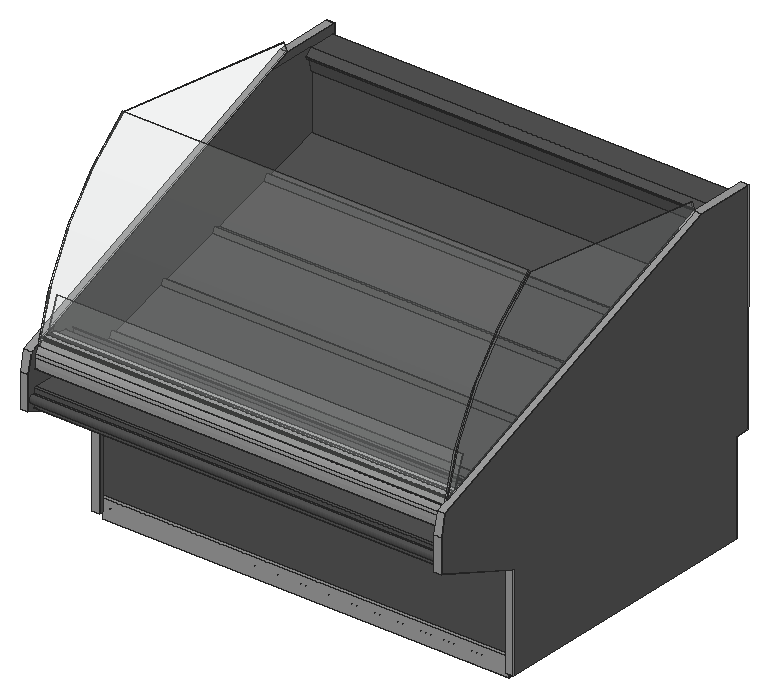
Revit family "DSF-CG_2014", category Specialty Equipment, Revit 2014
Parameters (values of type "5'-0" Length")
  Width = 60"
  Waste Drain = 1 1/2"  # constant formula
  URL = "www.hussmann.com"
  Type Comments = "Service / Self Service Seafood"  # constant formula
  Trim = Stainless Steel
  Total Weight = Case Weight + (2 * End Weight)  # 0.00 lbf
  Splashguard = Stainless Steel
  Side Panel - Right [instance] = yes
  Side Panel - Left [instance] = yes
  Shelves = Sheet Metal (Steel Painted) - 701 Black
  Right Drain Location from CL = if(Width = 30", 2", if(Width = 36", 0", 6 1/8"))  # 6 1/8"
  Revit Family Date = "08/11/2015"  # constant formula
  Refrigeration Lines Suction = 5/8"  # constant formula
  Refrigeration Lines Liquid = 3/8"  # constant formula
  Refrig. Suction = "Suction"
  Refrig. Liquid = "Liquid"
  Number of Supports = 2  # constant formula
  Note from Manufacturer = "This model only comes in 2'-0\", 3'-0\", 4'-0\", and 5'-0\" lengths."
  Model URL = "http://www.hussmann.com/en/product%20viewer/display-cases/DSF,%20DSFI"
  Model = "DSF"  # constant formula
  Manufacturer Disclaimer = "The information in this file is not intended to be an exact representation of the corresponding Hussmann product.  Further, we reserve the right to change or revise specifications and product design in connection with any feature of our products. Such changes do not entitle the buyer to corresponding changes, improvements, additions, or replacements for equipment previously sold or shipped."  # constant formula
  Manufacturer = "Hussmann Corporation"  # constant formula
  Light [instance] = no
  Height = 45 5/8"  # constant formula
  Glazing = Glass
  Ends = Textured Sheet Metal (Steel Painted) - 701 Black
  End Weight = 0.00 lbf  # constant formula
  Door Frame = Stainless Steel
  Description = "Medium Depth Service Merchandiser for Fresh Seafood Applications"  # constant formula
  Depth = 55 7/8"  # constant formula
  Cutsheet URL = "http://www.hussmann.com/en/Technical%20Documents/DSF_102013_En.pdf"
  Close Off Panel = Textured Sheet Metal (Steel Painted) - 701 Black
  Case Weight = 0.00 lbf
  Case Interior - Side Panel = Sheet Metal (Steel Painted) - 701 Black
  Case Interior - Back Panel = Sheet Metal (Steel Painted) - 701 Black
  Case = Textured Sheet Metal (Steel Painted) - 701 Black
  Bumper = Extruded PVC - 701 Black
  Assembly Code = ""
  Accessories/Options = ""
Types (4): name | Width | Right Drain Location from CL | Refrig. Suction | Refrig. Liquid
  3'-0" Length | 36" | 0" | "" | ""
  5'-0" Length | 60" | 6 1/8" | "Suction" | "Liquid"
  4'-0" Length | 48" | 6 1/8" | "Suction" | "Liquid"
  2'-0" Length | 30" | 2" | "Suction" | "Liquid"
Reference planes (in)
  plane 1 "Back": y = 0
  plane 2 "Bottom": z = 0
  plane 3 "Top": z = 45.625
  plane 4 "Left": x = -77.30699
  plane 5 "Front": y = -55.875
  plane 6 "Center (Left/Right)": x = -47.30699
  plane 7: x = -78.43199
  plane 8 "Right": x = -17.30699
  plane 9: x = -16.18199
  plane 10: y = -41.23412
Forms (in)
  Extrusion 1, solid, material "Metal - Copper"
    sketch origin (63.3125, 1.04319, 0) x (1, 0, 0) y (0, 1, 0)
      loop
        circle (-104.49449, -25.79319) r 0.625
      loop
        arc (-104.49449, -26.37839) -> (-104.08069, -26.20699) -> (-103.90929, -25.79319) r 0.5852
        arc (-103.90929, -25.79319) -> (-104.08069, -25.37939) -> (-104.49449, -25.20799) r 0.5852
        arc (-104.49449, -25.20799) -> (-104.90829, -25.37939) -> (-105.07969, -25.79319) r 0.5852
        arc (-105.07969, -25.79319) -> (-104.90829, -26.20699) -> (-104.49449, -26.37839) r 0.5852
    from 14.6845 to 0
  Extrusion 2, solid, material "Metal - Copper"
    sketch origin (-63.6875, 1.04319, 0) x (1, 0, 0) y (0, 1, 0)
      loop
        circle (-8.49449, -25.79319) r 0.625
      loop
        arc (-8.49449, -26.37839) -> (-8.08069, -26.20699) -> (-7.90929, -25.79319) r 0.5852
        arc (-7.90929, -25.79319) -> (-8.08069, -25.37939) -> (-8.49449, -25.20799) r 0.5852
        arc (-8.49449, -25.20799) -> (-8.90829, -25.37939) -> (-9.07969, -25.79319) r 0.5852
        arc (-9.07969, -25.79319) -> (-8.90829, -26.20699) -> (-8.49449, -26.37839) r 0.5852
    from 14.6845 to 0
  Extrusion 3, solid, material "Textured Sheet Metal (Steel Painted) - 701 Black" <- "Case"
    sketch origin (-47.30699, 0, 0) x (0, 1, 0) y (0, 0, 1)
      loop
        arc (-4.83381, 44.65319) -> (-4.84545, 44.62735) -> (-4.83705, 44.60028) r 0.04
        line (-4.83705, 44.60028) -> (-4.63528, 44.34203) -> (-4.40137, 44.43177) -> (-3.8611, 42.41551) -> (-3.71075, 42.45579) -> (-3.71075, 31.84576) -> (-1.664, 31.84576) -> (-1.664, 17.65463) -> (-23.01848, 17.22162) -> (-23.01848, 16.77724) -> (-26.95598, 16.77724) -> (-26.95598, 17.23414) -> (-41.48302, 17.74647) -> (-49.4473, 21.1271)
        arc (-49.4473, 21.1271) -> (-49.46059, 21.13816) -> (-49.46558, 21.15472) r 0.03
        line (-49.46558, 21.15472) -> (-49.46558, 27.03985) -> (-49.40419, 27.03375) -> (-49.38226, 27.28432) -> (-49.38226, 28.14614)
        arc (-49.38226, 28.14614) -> (-49.3971, 28.18748) -> (-49.43484, 28.20995) r 0.065
        line (-49.43484, 28.20995) -> (-51.24815, 28.56307) -> (-51.24815, 24.17402) -> (-51.31227, 24.17402) -> (-51.31227, 23) -> (-54.8155, 23)
        arc (-54.8155, 23) -> (-54.93783, 22.94933) -> (-54.9885, 22.827) r 0.173
        line (-54.9885, 22.827) -> (-54.9885, 20.2589)
        arc (-54.9885, 20.2589) -> (-54.98127, 20.23596) -> (-54.96218, 20.22131) r 0.04
        line (-54.96218, 20.22131) -> (-52.47331, 19.31544) -> (-52.41455, 19.47688) -> (-41.12442, 14.6845) -> (-1.535, 14.6845) -> (-1.535, 16.1845) -> (-0.035, 16.1845) -> (-0.035, 14.5595) -> (-0.535, 14.5595) -> (-0.535, 14.5245) -> (-0.035, 14.5245)
        arc (-0.035, 14.5245) -> (-0.01025, 14.53475) -> (0, 14.5595) r 0.035
        line (0, 14.5595) -> (0, 41.5577) -> (0.12, 41.5577) -> (0.12, 45.51063)
        arc (0.12, 45.51063) -> (0.10828, 45.53891) -> (0.08, 45.55063) r 0.04
        line (0.08, 45.55063) -> (-3.93623, 45.55063) -> (-4.83381, 44.65319)
    from 30 to -30
  Extrusion 4, solid, material "Sheet Metal (Steel Painted) - 701 Black" <- "Shelves"
    sketch origin (-47.30699, 0, 0) x (0, 1, 0) y (0, 0, 1)
      loop
        line (-3.71075, 34.24593) -> (-11.37735, 32.04757) -> (-12.17325, 32.48875) -> (-12.61443, 31.69284) -> (-20.90531, 29.31547) -> (-21.70122, 29.75665) -> (-22.14239, 28.96074) -> (-30.43328, 26.58337) -> (-31.22918, 27.02455) -> (-31.67036, 26.22864) -> (-39.96124, 23.85127) -> (-40.75714, 24.29245) -> (-41.19832, 23.49654) -> (-43.99815, 22.6937) -> (-46.94421, 24.39461)
        arc (-46.94421, 24.39461) -> (-46.9635, 24.40261) -> (-46.98421, 24.40533) r 0.08
        line (-46.98421, 24.40533) -> (-47.72215, 24.40533) -> (-47.72215, 27.8125) -> (-48.07156, 27.89699) -> (-48.08284, 27.85034) -> (-47.77015, 27.77472) -> (-47.77015, 24.34277) -> (-49.46558, 24.34277) -> (-49.46558, 24.15527) -> (-46.90465, 24.15527) -> (-44.02297, 22.49153) -> (-3.71075, 34.05087) -> (-3.71075, 34.24593)
    from 30 to -30
  Extrusion 5, solid, material "Extruded PVC - 701 Black" <- "Bumper"
    sketch origin (-47.30699, 0, 0) x (0, 1, 0) y (0, 0, 1)
      loop
        arc (-55.3635, 22.25013) -> (-55.926, 21.68763) -> (-55.3635, 21.12513) r 0.5625
        line (-55.3635, 21.12513) -> (-54.9885, 21.12513) -> (-54.9885, 22.25013) -> (-55.3635, 22.25013)
    from 30 to -30
  Extrusion 6, solid, material "Textured Sheet Metal (Steel Painted) - 701 Black" <- "Close Off Panel"
    sketch origin (-47.30699, 0, -0.03125) x (0, 1, 0) y (0, 0, 1)
      loop
        line (-1.90759, 13.89928) -> (-1.92951, 14.14985) -> (-1.96438, 14.1468) -> (-1.94259, 13.89775) -> (-1.94259, 3.16349) -> (-1.90759, 3.16349) -> (-1.90759, 13.89928)
      loop
        line (-42.21942, 15.18055) -> (-42.21942, 0.86215) -> (-42.18442, 0.86215) -> (-42.18442, 15.16569) -> (-42.21942, 15.18055)
    from 30 to -30
  Extrusion 7, solid, material "Stainless Steel" <- "Splashguard"
    sketch origin (-47.30699, 0, -0.03125) x (0, 1, 0) y (0, 0, 1)
      loop
        line (-42.3003, 2.81625) -> (-42.3003, 0.03125) -> (-41.7653, 0.03125) -> (-41.7653, 0.06625) -> (-42.2653, 0.06625) -> (-42.2653, 2.81625) -> (-42.22346, 3.12587) -> (-42.25765, 3.13054) -> (-42.3003, 2.81625)
      loop
        line (-1.95357, 0.50112) -> (-1.6158, 0.09858) -> (-1.23395, 0.03125) -> (-1.22787, 0.06572) -> (-1.59718, 0.13084) -> (-1.91857, 0.51386) -> (-1.91857, 2.88864) -> (-1.94049, 3.14096) -> (-1.97536, 3.13791) -> (-1.95357, 2.88886) -> (-1.95357, 0.50112)
    from 30 to -30
  Extrusion 8, solid, material "Textured Sheet Metal (Steel Painted) - 701 Black" <- "Ends", visible <- "Side Panel - Right"
    sketch origin (-17.30699, 0, 0) x (0, 0, 1) y (0, -1, 0)
      loop
        line (14.37303, -0.54843) -> (46.74598, -0.54843) -> (46.74598, 7.99475) -> (27.85139, 55.41005)
        arc (27.85139, 55.41005) -> (26.43234, 55.74856) -> (25.00258, 56.03853) r 42.8148
        line (25.00258, 56.03853) -> (20.14202, 56.03853) -> (14.95336, 42.8003) -> (0.83628, 42.8003) -> (0.83628, 1.54444) -> (14.37303, 1.54444) -> (14.37303, -0.54843)
    from 1.125 to 0
  Extrusion 9, solid, material "Textured Sheet Metal (Steel Painted) - 701 Black" <- "Ends", visible <- "Side Panel - Left"
    sketch origin (-77.30699, 0, 0) x (0, 1, 0) y (0, 0, 1)
      loop
        line (0.54843, 46.74598) -> (-7.99475, 46.74598) -> (-55.41005, 27.85139)
        arc (-55.41005, 27.85139) -> (-55.74856, 26.43234) -> (-56.03853, 25.00258) r 42.8148
        line (-56.03853, 25.00258) -> (-56.03853, 20.14202) -> (-42.8003, 14.95336) -> (-42.8003, 0.83628) -> (-1.54444, 0.83628) -> (-1.54444, 14.37303) -> (0.54843, 14.37303) -> (0.54843, 46.74598)
    from 0 to -1.125
  Extrusion 10, solid, material "Glass" <- "Glazing"
    sketch origin (-47.30699, 0, 0) x (0, 1, 0) y (0, 0, 1)
      loop
        arc (-38.4785, 52.31089) -> (-48.88236, 41.17732) -> (-54.40186, 26.97408) r 40.25
        line (-54.40186, 26.97408) -> (-54.15591, 26.92927)
        arc (-54.15591, 26.92927) -> (-48.6707, 41.04429) -> (-38.33146, 52.10871) r 40
        line (-38.33146, 52.10871) -> (-38.4785, 52.31089)
      loop
        line (-50.81957, 33.3829) -> (-52.58841, 28.24584) -> (-52.564, 28.19579) -> (-52.4151, 28.14452) -> (-52.36506, 28.16893) -> (-50.59622, 33.306) -> (-50.81957, 33.3829)
    from 30 to -30
  Extrusion 11, solid, material "Stainless Steel" <- "Door Frame"
    sketch origin (-47.30699, 0, 0) x (0, 1, 0) y (0, 0, 1)
      loop
        arc (-54.27971, 28.0768) -> (-54.54483, 27.67871) -> (-54.74164, 27.24278) r 2.92923
        arc (-54.74164, 27.24278) -> (-54.80893, 26.99713) -> (-54.83876, 26.74418) r 1.7
        arc (-54.83876, 26.74418) -> (-54.83124, 26.00798) -> (-54.74644, 25.27664) r 7
        arc (-54.74644, 25.27664) -> (-54.73588, 25.25814) -> (-54.71588, 25.25082) r 0.031
        line (-54.71588, 25.25082) -> (-51.24815, 25.25082) -> (-51.24815, 28.3709) -> (-51.30565, 28.3709) -> (-51.30565, 28.8335) -> (-51.34502, 28.8335)
        arc (-51.34502, 28.8335) -> (-51.33489, 28.8539) -> (-51.34142, 28.87573) r 0.03104
        arc (-51.34142, 28.87573) -> (-51.67966, 28.9398) -> (-52.01791, 28.87573) r 0.92486
        arc (-52.01791, 28.87573) -> (-52.02444, 28.8539) -> (-52.01431, 28.8335) r 0.03104
        line (-52.01431, 28.8335) -> (-52.09459, 28.8335) -> (-52.13242, 28.72362) -> (-52.13242, 28.14452)
        arc (-52.13242, 28.14452) -> (-52.13819, 28.1306) -> (-52.15211, 28.12484) r 0.01969
        line (-52.15211, 28.12484) -> (-52.61155, 28.12484)
        arc (-52.61155, 28.12484) -> (-52.67229, 28.16542) -> (-52.65804, 28.23707) r 0.06575
        arc (-52.65804, 28.23707) -> (-52.58365, 28.44728) -> (-52.70028, 28.63733) r 0.25886
        arc (-52.70028, 28.63733) -> (-52.71809, 28.66695) -> (-52.70566, 28.69921) r 0.03937
        arc (-52.70566, 28.69921) -> (-52.62057, 28.74055) -> (-52.52704, 28.75476) r 0.31496
        line (-52.52704, 28.75476) -> (-52.47346, 28.75476)
        arc (-52.47346, 28.75476) -> (-52.45828, 28.75962) -> (-52.44874, 28.7724) r 0.02615
        line (-52.44874, 28.7724) -> (-52.436, 28.80939)
        arc (-52.436, 28.80939) -> (-52.43839, 28.82587) -> (-52.4532, 28.8335) r 0.01819
        line (-52.4532, 28.8335) -> (-53.30118, 28.8335)
        arc (-53.30118, 28.8335) -> (-53.32001, 28.82975) -> (-53.33597, 28.81908) r 0.04921
        line (-53.33597, 28.81908) -> (-53.39753, 28.75752)
        arc (-53.39753, 28.75752) -> (-53.4082, 28.74156) -> (-53.41195, 28.72273) r 0.04921
        line (-53.41195, 28.72273) -> (-53.41195, 28.68586) -> (-53.53006, 28.68586)
        arc (-53.53006, 28.68586) -> (-53.61116, 28.67192) -> (-53.68295, 28.6317) r 0.24288
        line (-53.68295, 28.6317) -> (-54.14037, 26.88557) -> (-54.42471, 26.93827) -> (-54.24042, 27.93081) -> (-54.20032, 28.05423)
        arc (-54.20032, 28.05423) -> (-54.20275, 28.07365) -> (-54.21923, 28.0842) r 0.02304
        line (-54.21923, 28.0842) -> (-54.25112, 28.0884)
        arc (-54.25112, 28.0884) -> (-54.26695, 28.08638) -> (-54.27971, 28.0768) r 0.03125
    from 30 to -30
  Extrusion 12, solid, material "Glass" <- "Glazing", visible <- "Side Panel - Right"
    sketch origin (-17.30699, 0, 0) x (0, 0, 1) y (0, -1, 0)
      loop
        arc (52.00788, 38.25812) -> (41.66862, 48.13064) -> (28.5181, 53.73696) r 40
        line (28.5181, 53.73696) -> (46.74598, 7.99475) -> (48.21813, 8.57338) -> (52.00788, 38.25812)
    from 0 to 0.25
  Extrusion 13, solid, material "Glass" <- "Glazing", visible <- "Side Panel - Left"
    sketch origin (-77.30699, 0, 0) x (0, 1, 0) y (0, 0, 1)
      loop
        arc (-38.25812, 52.00788) -> (-48.13064, 41.66862) -> (-53.73696, 28.5181) r 40
        line (-53.73696, 28.5181) -> (-7.99475, 46.74598) -> (-8.57338, 48.21813) -> (-38.25812, 52.00788)
    from -0.25 to 0
  Extrusion 14, solid, material "Textured Sheet Metal (Steel Painted) - 701 Black" <- "Case", visible <- "Light"
    sketch origin (-47.30699, 0, 0) x (0, 1, 0) y (0, 0, 1)
      loop
        line (-50.7523, 18.7713) -> (-50.8003, 18.79167) -> (-50.8003, 15.1493) -> (-50.42133, 15.1493) -> (-50.42133, 15.31702) -> (-50.46821, 15.31702) -> (-50.46821, 15.19617) -> (-50.7523, 15.19617) -> (-50.7523, 18.7713)
    from 30 to -30
  Sweep 15, solid, material "Stainless Steel"
    path origin (0, 0, 0) x (1, 0, 0) y (0, 1, 0)
      loop
        line (-17.30699, -41.23412) -> (-77.30699, -41.23412)
    profile origin (-47.30699, -41.23412, 0) x (0, -1, 0) y (0, 0, 1)
      loop
        line (-0.891, 0.766) -> (-0.0785, 0.766)
        arc (-0.0785, 0.766) -> (-0.02299, 0.78899) -> (0, 0.8445) r 0.0785
        line (0, 0.8445) -> (0, 1.657) -> (-0.0785, 1.657) -> (-0.0785, 0.8445) -> (-0.891, 0.8445)
        arc (-0.891, 0.8445) -> (-0.94651, 0.82151) -> (-0.9695, 0.766) r 0.0785
        line (-0.9695, 0.766) -> (-0.9695, 0.0785) -> (-2.657, 0.0785) -> (-2.657, 0.766)
        arc (-2.657, 0.766) -> (-2.67999, 0.82151) -> (-2.7355, 0.8445) r 0.0785
        line (-2.7355, 0.8445) -> (-3.4855, 0.8445) -> (-3.4855, 0.766) -> (-2.7355, 0.766) -> (-2.7355, 0.0785)
        arc (-2.7355, 0.0785) -> (-2.71251, 0.02299) -> (-2.657, 0) r 0.0785
        line (-2.657, 0) -> (-0.9695, 0)
        arc (-0.9695, 0) -> (-0.91399, 0.02299) -> (-0.891, 0.0785) r 0.0785
        line (-0.891, 0.0785) -> (-0.891, 0.766)
  Sweep 16, solid, material "Stainless Steel"
    path origin (-124.61397, 0, 0) x (-1, 0, 0) y (0, 1, 0)
      loop
        line (-107.30699, -1.95376) -> (-47.30699, -1.95376)
    profile origin (-47.30699, -1.95376, 0) x (0, -1, 0) y (0, 0, 1)
      loop
        line (0.891, 0.766) -> (0.891, 0.0785)
        arc (0.891, 0.0785) -> (0.91399, 0.02299) -> (0.9695, 0) r 0.0785
        line (0.9695, 0) -> (2.657, 0)
        arc (2.657, 0) -> (2.71251, 0.02299) -> (2.7355, 0.0785) r 0.0785
        line (2.7355, 0.0785) -> (2.7355, 0.766) -> (3.4855, 0.766) -> (3.4855, 0.8445) -> (2.7355, 0.8445)
        arc (2.7355, 0.8445) -> (2.67999, 0.82151) -> (2.657, 0.766) r 0.0785
        line (2.657, 0.766) -> (2.657, 0.0785) -> (0.9695, 0.0785) -> (0.9695, 0.766)
        arc (0.9695, 0.766) -> (0.94651, 0.82151) -> (0.891, 0.8445) r 0.0785
        line (0.891, 0.8445) -> (0.0785, 0.8445) -> (0.0785, 1.657) -> (0, 1.657) -> (0, 0.8445)
        arc (0, 0.8445) -> (0.02299, 0.78899) -> (0.0785, 0.766) r 0.0785
        line (0.0785, 0.766) -> (0.891, 0.766)
  Extrusion 17, solid, material "Metal - Copper"
    sketch origin (61.07608, 5, -0.375) x (1, 0, 0) y (0, 1, 0)
      loop
        circle (-84.82057, -25.25) r 0.1875
      loop
        circle (-84.82057, -25.25) r 0.17284
    from 15.0595 to 0.375
  Extrusion 18, solid, material "Metal - Copper"
    sketch origin (60.87749, 5, -0.375) x (1, 0, 0) y (0, 1, 0)
      loop
        circle (-86.24698, -25.25) r 0.4375
      loop
        circle (-86.24698, -25.25) r 0.41359
    from 15.0595 to 0.375
  Sweep 19, solid, material "Stainless Steel" <- "Trim", visible <- "Side Panel - Left"
    path origin (-77.30699, 0, 0) x (0, 1, 0) y (0, 0, 1)
      loop
        line (-1.54444, 0.83628) -> (-1.54444, 14.37303) -> (0.54843, 14.37303) -> (0.54843, 46.74598) -> (-7.99475, 46.74598) -> (-55.41005, 27.85139)
        arc (-55.41005, 27.85139) -> (-55.74856, 26.43234) -> (-56.03853, 25.00258) r 42.8148
        line (-56.03853, 25.00258) -> (-56.03853, 20.14202) -> (-42.8003, 14.95336) -> (-42.8003, 0.83628)
    profile origin (-77.30699, -1.54444, 7.60466) x (0, -1, 0) y (1, 0, 0)
      loop
        line (0, 0) -> (-0.03125, 0) -> (-0.03125, -1.125) -> (0, -1.125) -> (0, 0)
  Sweep 20, solid, material "Stainless Steel" <- "Trim", visible <- "Side Panel - Right"
    path origin (-17.30699, 0, 0) x (0, 0, 1) y (0, -1, 0)
      loop
        line (0.83628, 1.54444) -> (14.37303, 1.54444) -> (14.37303, -0.54843) -> (46.74598, -0.54843) -> (46.74598, 7.99475) -> (27.85139, 55.41005)
        arc (27.85139, 55.41005) -> (26.43234, 55.74856) -> (25.00258, 56.03853) r 42.8148
        line (25.00258, 56.03853) -> (20.14202, 56.03853) -> (14.95336, 42.8003) -> (0.83628, 42.8003)
    profile origin (-17.30699, -1.54444, 7.60466) x (0, -1, 0) y (1, 0, 0)
      loop
        line (0, 0) -> (0, 1.125) -> (-0.03125, 1.125) -> (-0.03125, 0) -> (0, 0)
  Extrusion 21, solid, material "Sheet Metal (Steel Painted) - 701 Black" <- "Case Interior - Side Panel", visible <- "Side Panel - Left"
    sketch origin (-77.30699, 0, 0) x (0, 1, 0) y (0, 0, 1)
      loop
        line (-44.02297, 22.49153) -> (-3.71075, 34.05087) -> (-3.71075, 42.45579) -> (-3.8611, 42.41551) -> (-4.40137, 44.43177) -> (-4.63528, 44.34203) -> (-4.83705, 44.60028)
        arc (-4.83705, 44.60028) -> (-4.84545, 44.62735) -> (-4.83381, 44.65319) r 0.04
        line (-4.83381, 44.65319) -> (-3.93623, 45.55063) -> (-10.99445, 45.55063) -> (-51.24815, 29.50987) -> (-51.24815, 24.15527) -> (-46.90465, 24.15527) -> (-44.02297, 22.49153)
    from 0.03125 to 0
  Extrusion 22, solid, material "Sheet Metal (Steel Painted) - 701 Black" <- "Case Interior - Side Panel", visible <- "Side Panel - Right"
    sketch origin (-17.30699, 0, 0) x (0, 0, 1) y (0, -1, 0)
      loop
        line (22.49153, 44.02297) -> (34.05087, 3.71075) -> (42.45579, 3.71075) -> (42.41551, 3.8611) -> (44.43177, 4.40137) -> (44.34203, 4.63528) -> (44.60028, 4.83705)
        arc (44.60028, 4.83705) -> (44.62735, 4.84545) -> (44.65319, 4.83381) r 0.04
        line (44.65319, 4.83381) -> (45.55063, 3.93623) -> (45.55063, 10.99445) -> (29.50987, 51.24815) -> (24.15527, 51.24815) -> (24.15527, 46.90465) -> (22.49153, 44.02297)
    from 0 to -0.03125
  Extrusion 23, solid, material "Sheet Metal (Steel Painted) - 701 Black" <- "Case Interior - Back Panel"
    sketch origin (-47.30699, 0, 0) x (0, 1, 0) y (0, 0, 1)
      loop
        line (-3.71075, 34.24593) -> (-3.71075, 42.45579) -> (-3.8611, 42.41551) -> (-4.40137, 44.43177) -> (-4.43155, 44.42368) -> (-3.88319, 42.37724) -> (-3.742, 42.41507) -> (-3.742, 34.23697) -> (-3.71075, 34.24593)
    from 30 to -30
Lines and regions (in)
  reference lines
    curve 1: line (-72.18199, -55.875, 0) -> (-72.18199, 0, 0)
    curve 2: line (-41.18199, -55.875, 0) -> (-41.18199, 0, 0)
    curve 3: line (-24.43199, -55.875, 0) -> (-24.43199, 0, 0)
    curve 4: line (-77.30699, -24.75, 0) -> (-17.30699, -24.75, 0)
    curve 5: line (-17.30699, -20.25, 0) -> (-77.30699, -20.25, 0)
Dimensions and locks (in)
  equal spacing: plane 4 "Left", plane 6 "Center (Left/Right)", plane 8 "Right"
  locked: plane 7 to plane 4 "Left" at 1.125
  "Width": plane 4 "Left" to plane 8 "Right"
  locked: plane 4 "Left" to curve 1 at 5.125
  "Right Drain Location from CL": plane 6 "Center (Left/Right)" to curve 2
  "Depth": plane 5 "Front" to plane 1 "Back"
  locked: curve 3 to plane 8 "Right" at 7.125
  "Height": plane 3 "Top" to level
  locked: curve 4 to plane 5 "Front" at 31.125
  locked: curve 5 to plane 5 "Front" at 35.625
  locked: plane 8 "Right" to plane 9 at 1.125
  equal spacing: Extrusion 9, Extrusion 14 sketch curve, plane 5 "Front"
  locked: Extrusion 18 sketch curve to curve 3 at 0.52391
  locked: curve 3 to Extrusion 17 sketch curve at 0.51466
  nested 1 to plane 5 "Front" = 9"
  nested 1 to level = 17"
  radius of Extrusion 1 sketch curve = 0.5852"
  aligned and locked: plane 5 "Front" to curve 2
  aligned and locked: plane 5 "Front" to curve 1
  aligned and locked: plane 4 "Left" to curve 4
  aligned and locked: plane 4 "Left" to curve 5
  aligned and locked: plane 8 "Right" to curve 5
  aligned and locked: plane 8 "Right" to curve 4
  aligned and locked: curve 4 to Extrusion 1 sketch curve  (x2)
  aligned and locked: curve 4 to Extrusion 2 sketch curve  (x2)
  aligned and locked: curve 1 to Extrusion 2 sketch curve  (x2)
  aligned and locked: curve 2 to Extrusion 1 sketch curve  (x2)
  aligned and locked: Extrusion 2 to level
  aligned and locked: Extrusion 1 to level
  aligned and locked: Extrusion 3 to plane 4 "Left"
  aligned and locked: plane 8 "Right" to Extrusion 3
  aligned and locked: Extrusion 4 to plane 4 "Left"
  aligned and locked: plane 8 "Right" to Extrusion 4
  aligned and locked: Extrusion 5 to plane 4 "Left"
  aligned and locked: plane 8 "Right" to Extrusion 5
  aligned and locked: Extrusion 1 to Extrusion 2
  aligned and locked: Extrusion 6 to plane 4 "Left"
  aligned and locked: plane 8 "Right" to Extrusion 6
  aligned and locked: Extrusion 7 to plane 4 "Left"
  aligned and locked: plane 8 "Right" to Extrusion 7
  aligned and locked: plane 9 to Extrusion 8
  aligned and locked: Extrusion 8 to plane 8 "Right"
  aligned and locked: plane 7 to Extrusion 9
  aligned and locked: plane 4 "Left" to Extrusion 9
  aligned and locked: Extrusion 10 to plane 4 "Left"
  aligned and locked: plane 8 "Right" to Extrusion 10
  aligned and locked: Extrusion 14 to plane 4 "Left"
  aligned and locked: plane 8 "Right" to Extrusion 14
  aligned and locked: plane 4 "Left" to nested 1
  aligned and locked: Extrusion 11 to plane 4 "Left"
  aligned and locked: plane 8 "Right" to Extrusion 11
  aligned and locked: Sweep 19 sketch curve to plane 7
  aligned and locked: Sweep 19 sketch curve to plane 4 "Left"
  aligned and locked: profile plane to Sweep 20 sketch curve
  aligned and locked: Sweep 20 sketch curve to plane 9
  aligned and locked: Extrusion 21 to plane 4 "Left"
  aligned and locked: Extrusion 23 to plane 4 "Left"
  aligned and locked: plane 8 "Right" to Extrusion 23
  aligned and locked: plane 4 "Left" to Sweep 16 sketch curve
  aligned and locked: plane 8 "Right" to Sweep 16 sketch curve
Automatic sketch dimensions
  Extrusion 1 sketch curve to Extrusion 1 sketch curve = 0"  (x2)
  Extrusion 2 sketch curve to Extrusion 2 sketch curve = 0"  (x2)
  Extrusion 2 sketch curve to Extrusion 2 sketch curve = 0.5852"
  Extrusion 3 sketch curve to plane 1 "Back" = 0"
  plane 1 "Back" to Extrusion 3 sketch curve = 0.035"
  Extrusion 3 sketch curve to Extrusion 3 sketch curve = 0"  (x2)
  Extrusion 3 sketch curve to Extrusion 3 sketch curve = 1/2"
  Extrusion 3 sketch curve to Extrusion 3 sketch curve = 1 1/2"  (x2)
  plane 1 "Back" to Extrusion 3 sketch curve = 1.664"
  Extrusion 3 sketch curve to Extrusion 3 sketch curve = 2.04675"
  Extrusion 3 sketch curve to Extrusion 3 sketch curve = 0.15035"
  plane 3 "Top" to Extrusion 3 sketch curve = 0.07437"
  Extrusion 3 sketch curve to Extrusion 3 sketch curve = 0.22548"
  plane 3 "Top" to Extrusion 3 sketch curve = 1.19323"
  Extrusion 3 sketch curve to Extrusion 3 sketch curve = 0.46514"
  plane 3 "Top" to Extrusion 3 sketch curve = 1.28297"
  Extrusion 3 sketch curve to Extrusion 3 sketch curve = 0.23391"
  Extrusion 3 sketch curve to Extrusion 3 sketch curve = 0.17024"
  plane 3 "Top" to Extrusion 3 sketch curve = 0.97181"
  Extrusion 3 sketch curve to Extrusion 3 sketch curve = 0.02828"
  plane 3 "Top" to Extrusion 3 sketch curve = 1.02472"
  Extrusion 3 sketch curve to Extrusion 3 sketch curve = 0.03152"
  Extrusion 3 sketch curve to plane 10 = 18.21564"
  Extrusion 3 sketch curve to Extrusion 3 sketch curve = 3 15/16"
  Extrusion 3 sketch curve to plane 10 = 0.1097"
  plane 10 to Extrusion 3 sketch curve = 0.24889"
  plane 5 "Front" to Extrusion 3 sketch curve = 6.49274"
  Extrusion 3 sketch curve to Extrusion 3 sketch curve = 0.02192"
  Extrusion 3 sketch curve to Extrusion 3 sketch curve = 0.05258"
  Extrusion 3 sketch curve to Extrusion 3 sketch curve = 0.03139"
  Extrusion 3 sketch curve to Extrusion 3 sketch curve = 0.065"
  Extrusion 3 sketch curve to Extrusion 3 sketch curve = 3/256"
  Extrusion 3 sketch curve to Extrusion 3 sketch curve = 0.03"
  Extrusion 3 sketch curve to Extrusion 3 sketch curve = 1.81331"
  Extrusion 3 sketch curve to Extrusion 3 sketch curve = 0.06412"
  Extrusion 3 sketch curve to Extrusion 3 sketch curve = 2.94897"
  Extrusion 3 sketch curve to Extrusion 3 sketch curve = 0.05876"
  plane 5 "Front" to Extrusion 3 sketch curve = 1.0595"
  plane 5 "Front" to Extrusion 3 sketch curve = 0.9265"
  Extrusion 3 sketch curve to Extrusion 3 sketch curve = 0.01368"
  Extrusion 3 sketch curve to Extrusion 3 sketch curve = 0.173"
  Extrusion 3 sketch curve to plane 1 "Back" = 0.08"
  Extrusion 3 sketch curve to plane 1 "Back" = 0.12"
  Extrusion 3 sketch curve to Extrusion 3 sketch curve = 1.97597"
  Extrusion 3 sketch curve to Extrusion 3 sketch curve = 0.04029"
  Extrusion 3 sketch curve to Extrusion 3 sketch curve = 0.89809"
  Extrusion 3 sketch curve to Extrusion 3 sketch curve = 9.71194"
  plane 3 "Top" to Extrusion 3 sketch curve = 17.06193"
  Extrusion 3 sketch curve to Extrusion 3 sketch curve = 0.35312"
  Extrusion 3 sketch curve to Extrusion 3 sketch curve = 0.86182"
  Extrusion 3 sketch curve to Extrusion 3 sketch curve = 0.24448"
  Extrusion 3 sketch curve to Extrusion 3 sketch curve = 0.00609"
  Extrusion 3 sketch curve to Extrusion 3 sketch curve = 2.86582"
  Extrusion 3 sketch curve to Extrusion 3 sketch curve = 1.17402"
  Extrusion 3 sketch curve to Extrusion 3 sketch curve = 1.84528"
  Extrusion 3 sketch curve to Extrusion 3 sketch curve = 2.5681"
  Extrusion 3 sketch curve to Extrusion 3 sketch curve = 0.78202"
  Extrusion 3 sketch curve to Extrusion 3 sketch curve = 3.38064"
  Extrusion 3 sketch curve to Extrusion 3 sketch curve = 14.19113"
  Extrusion 3 sketch curve to Extrusion 3 sketch curve = 0.51233"
  Extrusion 3 sketch curve to Extrusion 3 sketch curve = 0.01252"
  Extrusion 3 sketch curve to Extrusion 3 sketch curve = 0.44438"
  Extrusion 3 sketch curve to Extrusion 3 sketch curve = 1.47013"
  Extrusion 3 sketch curve to Extrusion 3 sketch curve = 1/8"
  plane 5 "Front" to Extrusion 4 sketch curve = 6.40942"
  Extrusion 4 sketch curve to Extrusion 4 sketch curve = 1.38273"
  Extrusion 4 sketch curve to Extrusion 4 sketch curve = 0.01128"
  Extrusion 4 sketch curve to Extrusion 4 sketch curve = 0.31269"
  Extrusion 4 sketch curve to Extrusion 4 sketch curve = 0.048"
  Extrusion 4 sketch curve to Extrusion 4 sketch curve = 0.73794"
  Extrusion 4 sketch curve to Extrusion 4 sketch curve = 0.04"
  Extrusion 4 sketch curve to Extrusion 4 sketch curve = 0.07956"
  plane 10 to Extrusion 4 sketch curve = 2.78885"
  Extrusion 4 sketch curve to Extrusion 4 sketch curve = 0.02482"
  Extrusion 4 sketch curve to plane 10 = 0.0358"
  Extrusion 4 sketch curve to plane 10 = 0.47698"
  Extrusion 4 sketch curve to Extrusion 4 sketch curve = 0.7959"  (x4)
  Extrusion 4 sketch curve to Extrusion 4 sketch curve = 8.29088"  (x3)
  Extrusion 4 sketch curve to Extrusion 4 sketch curve = 0.44118"  (x3)
  plane 1 "Back" to Extrusion 4 sketch curve = 3.71075"
  level to Extrusion 4 sketch curve = 22.49153"
  Extrusion 4 sketch curve to Extrusion 4 sketch curve = 0.20217"
  Extrusion 4 sketch curve to Extrusion 4 sketch curve = 0.80284"
  Extrusion 4 sketch curve to Extrusion 4 sketch curve = 0.35473"  (x4)
  Extrusion 4 sketch curve to Extrusion 4 sketch curve = 1.46156"
  Extrusion 4 sketch curve to Extrusion 4 sketch curve = 0.17006"
  Extrusion 4 sketch curve to Extrusion 4 sketch curve = 3/16"
  Extrusion 4 sketch curve to Extrusion 4 sketch curve = 0.06928"
  Extrusion 4 sketch curve to Extrusion 4 sketch curve = 2.37737"  (x3)
  Extrusion 4 sketch curve to Extrusion 4 sketch curve = 3.36939"
  Extrusion 4 sketch curve to Extrusion 4 sketch curve = 0.03778"
  Extrusion 4 sketch curve to Extrusion 4 sketch curve = 2.00331"
  Extrusion 4 sketch curve to Extrusion 4 sketch curve = 0.19506"
  plane 5 "Front" to Extrusion 5 sketch curve = 0.5115"
  Extrusion 5 sketch curve to Extrusion 5 sketch curve = 3/8"
  level to Extrusion 5 sketch curve = 21.12513"
  Extrusion 5 sketch curve to Extrusion 5 sketch curve = 9/16"
  plane 10 to Extrusion 6 sketch curve = 0.98529"
  Extrusion 6 sketch curve to Extrusion 6 sketch curve = 0.035"  (x2)
  plane 1 "Back" to Extrusion 6 sketch curve = 1.96438"
  Extrusion 6 sketch curve to Extrusion 6 sketch curve = 0.02179"
  Extrusion 6 sketch curve to Extrusion 6 sketch curve = 0.03487"
  level to Extrusion 6 sketch curve = 0.8309"
  level to Extrusion 6 sketch curve = 3.13224"
  Extrusion 6 sketch curve to Extrusion 6 sketch curve = 10.73426"
  Extrusion 6 sketch curve to Extrusion 6 sketch curve = 0.00153"
  Extrusion 6 sketch curve to Extrusion 6 sketch curve = 14.30354"
  Extrusion 6 sketch curve to Extrusion 6 sketch curve = 0.01486"
  Extrusion 7 sketch curve to level = 0"  (x2)
  plane 10 to Extrusion 7 sketch curve = 1.06618"
  Extrusion 7 sketch curve to Extrusion 7 sketch curve = 0.035"  (x2)
  Extrusion 7 sketch curve to Extrusion 7 sketch curve = 0.00765"
  Extrusion 7 sketch curve to Extrusion 7 sketch curve = 0.03419"
  Extrusion 7 sketch curve to Extrusion 7 sketch curve = 1/2"
  plane 1 "Back" to Extrusion 7 sketch curve = 1.97536"
  Extrusion 7 sketch curve to Extrusion 7 sketch curve = 0.02179"
  Extrusion 7 sketch curve to Extrusion 7 sketch curve = 0.03487"
  level to Extrusion 7 sketch curve = 0.06733"
  Extrusion 7 sketch curve to Extrusion 7 sketch curve = 0.30277"
  level to Extrusion 7 sketch curve = 0.09959"
  Extrusion 7 sketch curve to Extrusion 7 sketch curve = 0.01862"
  Extrusion 7 sketch curve to Extrusion 7 sketch curve = 0.36323"
  level to Extrusion 7 sketch curve = 0.035"
  level to Extrusion 7 sketch curve = 0.46987"
  Extrusion 7 sketch curve to Extrusion 7 sketch curve = 0.01274"
  Extrusion 7 sketch curve to Extrusion 7 sketch curve = 2 3/4"
  Extrusion 7 sketch curve to Extrusion 7 sketch curve = 0"
  Extrusion 7 sketch curve to Extrusion 7 sketch curve = 2.37478"
  Extrusion 7 sketch curve to Extrusion 7 sketch curve = 0.00022"
  Extrusion 7 sketch curve to Extrusion 7 sketch curve = 0.30962"
  Extrusion 7 sketch curve to Extrusion 7 sketch curve = 0.00468"
  Extrusion 7 sketch curve to Extrusion 7 sketch curve = 0.24905"
  level to Extrusion 8 sketch curve = 0.83628"
  plane 1 "Back" to Extrusion 8 sketch curve = 1.54444"
  Extrusion 8 sketch curve to Extrusion 8 sketch curve = 13.53675"
  plane 10 to Extrusion 8 sketch curve = 1.56618"
  Extrusion 8 sketch curve to Extrusion 8 sketch curve = 14.11707"
  Extrusion 8 sketch curve to Extrusion 8 sketch curve = 2.83573"
  Extrusion 8 sketch curve to plane 5 "Front" = 0.16353"
  Extrusion 8 sketch curve to Extrusion 8 sketch curve = 5.18866"
  Extrusion 8 sketch curve to Extrusion 8 sketch curve = 4.86055"
  plane 5 "Front" to Extrusion 8 sketch curve = 0.46495"
  Extrusion 8 sketch curve to Extrusion 8 sketch curve = 2.84881"
  Extrusion 8 sketch curve to plane 1 "Back" = 0.54843"
  Extrusion 8 sketch curve to plane 3 "Top" = 1.12098"
  plane 1 "Back" to Extrusion 8 sketch curve = 7.99475"
  Extrusion 9 sketch curve to plane 5 "Front" = 0.16353"
  plane 5 "Front" to Extrusion 9 sketch curve = 0.46495"
  plane 10 to Extrusion 9 sketch curve = 1.56618"
  plane 1 "Back" to Extrusion 9 sketch curve = 13.93908"
  Extrusion 9 sketch curve to plane 3 "Top" = 1.12098"
  plane 1 "Back" to Extrusion 9 sketch curve = 7.99475"
  plane 1 "Back" to Extrusion 9 sketch curve = 1.54444"
  Extrusion 9 sketch curve to plane 1 "Back" = 0.54843"
  plane 3 "Top" to Extrusion 9 sketch curve = 17.77361"
  Extrusion 9 sketch curve to Extrusion 9 sketch curve = 2.84881"
  Extrusion 9 sketch curve to Extrusion 9 sketch curve = 4.86055"
  Extrusion 9 sketch curve to Extrusion 9 sketch curve = 5.18866"
  Extrusion 9 sketch curve to Extrusion 9 sketch curve = 2.83573"
  level to Extrusion 9 sketch curve = 0.83628"
  Extrusion 10 sketch curve to Extrusion 10 sketch curve = 0"  (x2)
  plane 5 "Front" to Extrusion 10 sketch curve = 1.47314"
  Extrusion 10 sketch curve to Extrusion 10 sketch curve = 0.24595"
  Extrusion 10 sketch curve to Extrusion 10 sketch curve = 1.56751"
  Extrusion 10 sketch curve to Extrusion 10 sketch curve = 0.02441"  (x2)
  Extrusion 10 sketch curve to Extrusion 10 sketch curve = 0.1489"
  Extrusion 10 sketch curve to Extrusion 10 sketch curve = 0.05004"  (x2)
  plane 5 "Front" to Extrusion 10 sketch curve = 5.05543"
  Extrusion 10 sketch curve to Extrusion 10 sketch curve = 0.22335"
  Extrusion 10 sketch curve to plane 10 = 2.75562"
  Extrusion 10 sketch curve to Extrusion 10 sketch curve = 0.14705"
  plane 1 "Back" to Extrusion 10 sketch curve = 14.80364"
  level to Extrusion 10 sketch curve = 19.75996"
  plane 3 "Top" to Extrusion 10 sketch curve = 18.69573"
  Extrusion 10 sketch curve to Extrusion 10 sketch curve = 0.04481"
  Extrusion 10 sketch curve to Extrusion 10 sketch curve = 1.21525"
  Extrusion 10 sketch curve to Extrusion 10 sketch curve = 0.05127"
  plane 5 "Front" to Extrusion 11 sketch curve = 1.15912"
  plane 5 "Front" to Extrusion 11 sketch curve = 1.45029"
  Extrusion 11 sketch curve to Extrusion 11 sketch curve = 0.16951"
  Extrusion 11 sketch curve to Extrusion 11 sketch curve = 0.00408"
  Extrusion 11 sketch curve to Extrusion 11 sketch curve = 0.01478"
  Extrusion 11 sketch curve to Extrusion 11 sketch curve = 0.03296"
  Extrusion 11 sketch curve to Extrusion 11 sketch curve = 0.00301"
  Extrusion 11 sketch curve to Extrusion 11 sketch curve = 0.02192"
  Extrusion 11 sketch curve to Extrusion 11 sketch curve = 0.28434"
  Extrusion 11 sketch curve to Extrusion 11 sketch curve = 0.53629"
  Extrusion 11 sketch curve to Extrusion 11 sketch curve = 0.15289"
  Extrusion 11 sketch curve to Extrusion 11 sketch curve = 0.11811"
  Extrusion 11 sketch curve to Extrusion 11 sketch curve = 0.01441"
  Extrusion 11 sketch curve to Extrusion 11 sketch curve = 0.0348"  (x4)
  Extrusion 11 sketch curve to Extrusion 11 sketch curve = 0.06156"  (x2)
  Extrusion 11 sketch curve to Extrusion 11 sketch curve = 1.00009"
  Extrusion 11 sketch curve to Extrusion 11 sketch curve = 0.46009"
  Extrusion 11 sketch curve to Extrusion 11 sketch curve = 0.16221"
  Extrusion 11 sketch curve to Extrusion 11 sketch curve = 0.22953"  (x2)
  Extrusion 11 sketch curve to Extrusion 11 sketch curve = 0.08451"
  Extrusion 11 sketch curve to Extrusion 11 sketch curve = 0.05358"
  Extrusion 11 sketch curve to Extrusion 11 sketch curve = 0.02027"
  Extrusion 11 sketch curve to Extrusion 11 sketch curve = 0"  (x5)
  Extrusion 11 sketch curve to Extrusion 11 sketch curve = 0.02473"
  Extrusion 11 sketch curve to Extrusion 11 sketch curve = 0.0172"
  Extrusion 11 sketch curve to Extrusion 11 sketch curve = 0.45945"
  Extrusion 11 sketch curve to Extrusion 11 sketch curve = 0.01969"
  Extrusion 11 sketch curve to Extrusion 11 sketch curve = 0.03783"
  Extrusion 11 sketch curve to Extrusion 11 sketch curve = 0.08028"
  Extrusion 11 sketch curve to Extrusion 11 sketch curve = 0.0208"  (x2)
  Extrusion 11 sketch curve to Extrusion 11 sketch curve = 1.1579"
  Extrusion 11 sketch curve to Extrusion 11 sketch curve = 0.45276"
  Extrusion 11 sketch curve to Extrusion 11 sketch curve = 0.62769"
  Extrusion 11 sketch curve to Extrusion 11 sketch curve = 0.03937"
  Extrusion 11 sketch curve to Extrusion 11 sketch curve = 0.0575"
  Extrusion 11 sketch curve to Extrusion 11 sketch curve = 3.4031"
  plane 3 "Top" to Extrusion 11 sketch curve = 20.37418"
  Extrusion 11 sketch curve to Extrusion 11 sketch curve = 0.031"
  Extrusion 11 sketch curve to Extrusion 11 sketch curve = 1.00866"
  Extrusion 11 sketch curve to Extrusion 11 sketch curve = 1.19661"
  Extrusion 11 sketch curve to Extrusion 11 sketch curve = 0.41263"
  Extrusion 11 sketch curve to Extrusion 11 sketch curve = 0.21345"
  Extrusion 11 sketch curve to Extrusion 11 sketch curve = 0.0527"
  Extrusion 11 sketch curve to Extrusion 11 sketch curve = 0.99254"
  Extrusion 11 sketch curve to Extrusion 11 sketch curve = 1.75546"
  Extrusion 11 sketch curve to Extrusion 11 sketch curve = 0.12342"
  Extrusion 11 sketch curve to Extrusion 11 sketch curve = 0.00318"
  Extrusion 11 sketch curve to Extrusion 11 sketch curve = 0.00712"
  Extrusion 11 sketch curve to Extrusion 11 sketch curve = 0.03098"
  Extrusion 11 sketch curve to Extrusion 11 sketch curve = 0.1099"
  Extrusion 11 sketch curve to Extrusion 11 sketch curve = 0.06575"
  Extrusion 11 sketch curve to Extrusion 11 sketch curve = 0.35596"
  Extrusion 11 sketch curve to Extrusion 11 sketch curve = 0.20273"
  Extrusion 11 sketch curve to Extrusion 11 sketch curve = 0.02286"
  Extrusion 11 sketch curve to Extrusion 11 sketch curve = 0.18873"
  Extrusion 11 sketch curve to Extrusion 11 sketch curve = 0.23057"
  Extrusion 11 sketch curve to Extrusion 11 sketch curve = 0.03687"
  Extrusion 11 sketch curve to Extrusion 11 sketch curve = 0.28382"
  Extrusion 11 sketch curve to Extrusion 11 sketch curve = 0.08439"
  Extrusion 11 sketch curve to Extrusion 11 sketch curve = 0.01764"
  Extrusion 11 sketch curve to Extrusion 11 sketch curve = 0.03699"
  Extrusion 11 sketch curve to Extrusion 11 sketch curve = 0.00592"
  Extrusion 11 sketch curve to Extrusion 11 sketch curve = 0.10988"
  Extrusion 11 sketch curve to Extrusion 11 sketch curve = 0.4626"
  Extrusion 11 sketch curve to Extrusion 11 sketch curve = 0.02304"  (x2)
  Extrusion 11 sketch curve to Extrusion 11 sketch curve = 0.31693"
  Extrusion 11 sketch curve to Extrusion 11 sketch curve = 0.0268"
  Extrusion 11 sketch curve to Extrusion 11 sketch curve = 0.0244"
  level to Extrusion 12 sketch curve = 19.65913"
  plane 5 "Front" to Extrusion 12 sketch curve = 2.13804"
  plane 3 "Top" to Extrusion 12 sketch curve = 17.1069"
  Extrusion 12 sketch curve to plane 3 "Top" = 1.12098"
  Extrusion 12 sketch curve to Extrusion 12 sketch curve = 1.47215"
  Extrusion 12 sketch curve to plane 10 = 2.976"
  Extrusion 12 sketch curve to plane 3 "Top" = 6.38288"
  plane 1 "Back" to Extrusion 12 sketch curve = 8.57338"
  Extrusion 12 sketch curve to Extrusion 12 sketch curve = 0.57863"
  plane 5 "Front" to Extrusion 13 sketch curve = 2.13804"
  Extrusion 13 sketch curve to plane 10 = 2.976"
  plane 1 "Back" to Extrusion 13 sketch curve = 14.73031"
  Extrusion 13 sketch curve to plane 3 "Top" = 2.59313"
  plane 1 "Back" to Extrusion 13 sketch curve = 8.57338"
  Extrusion 13 sketch curve to plane 3 "Top" = 1.12098"
  Extrusion 13 sketch curve to Extrusion 13 sketch curve = 0.57863"
  plane 3 "Top" to Extrusion 13 sketch curve = 17.1069"
  level to Extrusion 13 sketch curve = 19.65913"
  plane 5 "Front" to Extrusion 14 sketch curve = 5.0747"
  Extrusion 14 sketch curve to Extrusion 14 sketch curve = 0.048"
  Extrusion 14 sketch curve to Extrusion 14 sketch curve = 0.2841"
  Extrusion 14 sketch curve to Extrusion 14 sketch curve = 3/64"  (x2)
  level to Extrusion 14 sketch curve = 15.1493"
  Extrusion 14 sketch curve to Extrusion 14 sketch curve = 0.12085"
  Extrusion 14 sketch curve to Extrusion 14 sketch curve = 3.45427"
  Extrusion 14 sketch curve to Extrusion 14 sketch curve = 0.02037"
  Sweep 15 sketch curve to level = 0"
  Sweep 15 sketch curve to profile plane = 0"
  Sweep 15 sketch curve to Sweep 15 sketch curve = 0.0785"  (x2)
  Sweep 15 sketch curve to Sweep 15 sketch curve = 0"  (x8)
  Sweep 15 sketch curve to Sweep 15 sketch curve = 13/16"  (x2)
  level to Sweep 15 sketch curve = 0.0785"
  Sweep 15 sketch curve to Sweep 15 sketch curve = 1 11/16"
  Sweep 15 sketch curve to Sweep 15 sketch curve = 3/4"
  level to Sweep 15 sketch curve = 0.766"  (x2)
  Sweep 16 sketch curve to profile plane = 0"
  Sweep 16 sketch curve to level = 0"
  Sweep 16 sketch curve to profile plane = 0.0785"
  Sweep 16 sketch curve to Sweep 16 sketch curve = 0"  (x6)
  level to Sweep 16 sketch curve = 0.0785"
  Sweep 16 sketch curve to profile plane = 0.891"
  Sweep 16 sketch curve to Sweep 16 sketch curve = 0.0785"  (x3)
  level to Sweep 16 sketch curve = 0.766"  (x2)
  Sweep 16 sketch curve to Sweep 16 sketch curve = 1 11/16"
  Sweep 16 sketch curve to Sweep 16 sketch curve = 3/4"
  Sweep 16 sketch curve to Sweep 16 sketch curve = 13/16"
  Extrusion 17 sketch curve to Extrusion 17 sketch curve = 0"  (x2)
  plane 1 "Back" to Extrusion 17 sketch curve = 20 1/4"
  Extrusion 17 sketch curve to Extrusion 17 sketch curve = 0.17284"
  Extrusion 18 sketch curve to Extrusion 18 sketch curve = 0"  (x2)
  plane 1 "Back" to Extrusion 18 sketch curve = 20 1/4"
  Extrusion 18 sketch curve to Extrusion 18 sketch curve = 0.41359"
  Sweep 19 sketch curve to plane 5 "Front" = 0.16353"
  plane 5 "Front" to Sweep 19 sketch curve = 0.46495"
  plane 10 to Sweep 19 sketch curve = 1.56618"
  plane 1 "Back" to Sweep 19 sketch curve = 13.93908"
  Sweep 19 sketch curve to plane 3 "Top" = 1.12098"
  plane 1 "Back" to Sweep 19 sketch curve = 7.99475"
  plane 1 "Back" to Sweep 19 sketch curve = 1.54444"
  Sweep 19 sketch curve to plane 1 "Back" = 0.54843"
  plane 3 "Top" to Sweep 19 sketch curve = 17.77361"
  Sweep 19 sketch curve to Sweep 19 sketch curve = 2.84881"
  Sweep 19 sketch curve to Sweep 19 sketch curve = 4.86055"
  Sweep 19 sketch curve to Sweep 19 sketch curve = 5.18866"
  Sweep 19 sketch curve to Sweep 19 sketch curve = 2.83573"
  level to Sweep 19 sketch curve = 0.83628"  (x2)
  Sweep 19 sketch curve to profile plane = 0"
  Sweep 19 sketch curve to Sweep 19 sketch curve = 1/32"
  Sweep 20 sketch curve to plane 1 "Back" = 0.54843"
  level to Sweep 20 sketch curve = 14.37303"
  plane 10 to Sweep 20 sketch curve = 1.56618"
  level to Sweep 20 sketch curve = 14.95336"
  Sweep 20 sketch curve to Sweep 20 sketch curve = 2.83573"
  Sweep 20 sketch curve to plane 5 "Front" = 0.16353"
  Sweep 20 sketch curve to Sweep 20 sketch curve = 5.18866"
  Sweep 20 sketch curve to Sweep 20 sketch curve = 4.86055"
  plane 5 "Front" to Sweep 20 sketch curve = 0.46495"
  Sweep 20 sketch curve to Sweep 20 sketch curve = 2.84881"
  Sweep 20 sketch curve to plane 3 "Top" = 1.12098"
  plane 1 "Back" to Sweep 20 sketch curve = 1.54444"
  plane 1 "Back" to Sweep 20 sketch curve = 7.99475"
  level to Sweep 20 sketch curve = 0.83628"  (x2)
  Sweep 20 sketch curve to profile plane = 0"
  profile plane to Sweep 20 sketch curve = 1/32"
  plane 3 "Top" to Extrusion 23 sketch curve = 1.19323"
  Extrusion 23 sketch curve to Extrusion 23 sketch curve = 0.1191"
  Extrusion 23 sketch curve to Extrusion 23 sketch curve = 1/32"
  Extrusion 23 sketch curve to Extrusion 23 sketch curve = 0.04073"
  Extrusion 23 sketch curve to Extrusion 23 sketch curve = 0.03827"
  Extrusion 23 sketch curve to Extrusion 23 sketch curve = 8.13131"
  Extrusion 23 sketch curve to Extrusion 23 sketch curve = 0.00896"
  plane 3 "Top" to Extrusion 23 sketch curve = 1.20132"
  plane 1 "Back" to Extrusion 23 sketch curve = 4.43155"
  Extrusion 23 sketch curve to Extrusion 23 sketch curve = 0.03019"
  plane 3 "Top" to Extrusion 23 sketch curve = 3.24776"
  plane 10 to Extrusion 21 sketch curve = 10.01403"
  Extrusion 21 sketch curve to Extrusion 21 sketch curve = 4.3435"
  plane 10 to Extrusion 21 sketch curve = 2.78885"
  plane 1 "Back" to Extrusion 21 sketch curve = 3.8611"
  plane 1 "Back" to Extrusion 21 sketch curve = 3.71075"
  level to Extrusion 21 sketch curve = 22.49153"
  Extrusion 21 sketch curve to Extrusion 21 sketch curve = 1.66374"
  plane 3 "Top" to Extrusion 21 sketch curve = 11.57413"
  plane 3 "Top" to Extrusion 21 sketch curve = 3.20949"
  Extrusion 21 sketch curve to Extrusion 21 sketch curve = 0.04029"
  Extrusion 21 sketch curve to Extrusion 21 sketch curve = 0.54027"
  Extrusion 21 sketch curve to Extrusion 21 sketch curve = 5.3546"
  plane 3 "Top" to Extrusion 22 sketch curve = 11.57413"
  Extrusion 22 sketch curve to Extrusion 22 sketch curve = 8.36463"
  Extrusion 22 sketch curve to Extrusion 22 sketch curve = 0.04029"
  Extrusion 22 sketch curve to Extrusion 22 sketch curve = 2.01626"
  plane 1 "Back" to Extrusion 22 sketch curve = 3.71075"
  Extrusion 22 sketch curve to Extrusion 22 sketch curve = 0.15035"
  Extrusion 22 sketch curve to Extrusion 22 sketch curve = 0.54027"
  Extrusion 22 sketch curve to Extrusion 22 sketch curve = 2.88168"
  curve 3 to plane 5 "Front" = 0"
  plane 1 "Back" to curve 1 = 0"
  plane 1 "Back" to curve 3 = 0"
  plane 1 "Back" to curve 2 = 0"
  Sweep 15 sketch curve to plane 4 "Left" = 0"
  Sweep 15 sketch curve to plane 8 "Right" = 0"
  plane 10 to Sweep 15 sketch curve = 0"
  Sweep 16 sketch curve to plane 1 "Back" = 1.95376"
  plane 3 "Top" to Extrusion 22 sketch curve = 0.07437"
  Extrusion 22 sketch curve to Extrusion 22 sketch curve = 6.59308"
  plane 10 to Extrusion 22 sketch curve = 2.78885"
  Extrusion 22 sketch curve to Extrusion 22 sketch curve = 0.22142"
  Extrusion 22 sketch curve to Extrusion 22 sketch curve = 0.43244"
  Extrusion 22 sketch curve to Extrusion 22 sketch curve = 0.08974"
  Extrusion 22 sketch curve to Extrusion 22 sketch curve = 0.05291"
  Extrusion 22 sketch curve to Extrusion 22 sketch curve = 0.00324"
  Extrusion 22 sketch curve to Extrusion 22 sketch curve = 0.02829"
  Extrusion 22 sketch curve to Extrusion 22 sketch curve = 0.23391"
  Extrusion 22 sketch curve to Extrusion 22 sketch curve = 0.46514"
  Extrusion 22 sketch curve to Extrusion 22 sketch curve = 1.66374"
  plane 3 "Top" to Extrusion 22 sketch curve = 16.11513"
  Extrusion 22 sketch curve to Extrusion 22 sketch curve = 5.3546"
  Extrusion 22 sketch curve to Extrusion 22 sketch curve = 4.3435"
  Extrusion 21 sketch curve to Extrusion 21 sketch curve = 0.46514"
  plane 3 "Top" to Extrusion 21 sketch curve = 0.97181"
  Extrusion 21 sketch curve to Extrusion 21 sketch curve = 0.89758"
  plane 3 "Top" to Extrusion 21 sketch curve = 1.02472"
  Extrusion 21 sketch curve to Extrusion 21 sketch curve = 0.00324"
  Extrusion 21 sketch curve to Extrusion 21 sketch curve = 0.03152"
  plane 3 "Top" to Extrusion 21 sketch curve = 1.28297"
  Extrusion 21 sketch curve to Extrusion 21 sketch curve = 0.20177"
  plane 3 "Top" to Extrusion 21 sketch curve = 1.19323"
  plane 3 "Top" to Extrusion 21 sketch curve = 0.07437"
  Extrusion 21 sketch curve to Extrusion 21 sketch curve = 7.05822"
  radius of Extrusion 1 sketch curve = 5/8"
  radius of Extrusion 2 sketch curve = 5/8"
  radius of Extrusion 17 sketch curve = 3/16"
  radius of Extrusion 18 sketch curve = 7/16"
Nested families (in)
  nested 1: "Light" at (-47.30699, -38.26699, -35.5), visible <- "Light", type "Light"
Connectors (in)
  piping at (-41.18199, -24.75, 0), diameter 1.5, driven by "Waste Drain"
    settings: on Extrusion 1, index 8, connector inside diameter 1 1/4", connector length 0", flow factor 0, pipe flow 0 GPM, pressure drop 0.00 psi, fitting loss kfactor 0, connector angle 0.00°, fixture units 0, engagement length 0", angle of deflection 0.00°, flow configuration 0, flow direction 0, fitting loss method 0, system type 16, joint type 0, gender type 0, connector reference index -1, connector utility 0, adjustable connector no, is connector primary yes, connector description "1 1/4\""
  piping at (-72.18199, -24.75, 0), diameter 1.5, driven by "Waste Drain"
    settings: on Extrusion 2, index 11, connector inside diameter 1 1/4", connector length 0", flow factor 0, pipe flow 0 GPM, pressure drop 0.00 psi, fitting loss kfactor 0, connector angle 0.00°, fixture units 0, engagement length 0", angle of deflection 0.00°, flow configuration 0, flow direction 0, fitting loss method 0, system type 16, joint type 0, gender type 0, connector reference index -1, connector utility 0, adjustable connector no, is connector primary no, connector description ""
  piping at (-23.74449, -20.25, 0), diameter 0.375, driven by "Refrig. Liquid", driven by "Refrigeration Lines Liquid"
    settings: on Extrusion 17, index 12, connector inside diameter 3/8", connector length 0", flow factor 0, pipe flow 0 GPM, pressure drop 0.00 psi, fitting loss kfactor 0, connector angle 0.00°, fixture units 0, engagement length 0", angle of deflection 0.00°, flow configuration 0, flow direction 1, fitting loss method 0, system type 22, joint type 0, gender type 0, connector reference index -1, connector utility 0, adjustable connector no, is connector primary no, connector description "Liquid"
  piping at (-25.36949, -20.25, 0), diameter 0.625, driven by "Refrig. Suction", driven by "Refrigeration Lines Suction"
    settings: on Extrusion 18, index 13, connector inside diameter 7/8", connector length 0", flow factor 0, pipe flow 0 GPM, pressure drop 0.00 psi, fitting loss kfactor 0, connector angle 0.00°, fixture units 0, engagement length 0", angle of deflection 0.00°, flow configuration 0, flow direction 2, fitting loss method 0, system type 22, joint type 0, gender type 0, connector reference index -1, connector utility 0, adjustable connector no, is connector primary no, connector description "Suction"
Definition of nested family "Light"
  Parameters (values of type "Light")
    Wattage = 16.1571 W
    built-in parameter 1150110 = 1 (stored number, unit not read)
    built-in parameter 1114217 = 1 (stored number, unit not read)
    built-in parameter 1150109 = 1 (stored number, unit not read)
    built-in parameter 1150134 = (empty or 0)
    built-in parameter 1150113 = 1 (stored number, unit not read)
    Lumens = 2400 lm
    built-in parameter 1150115 = 1 (stored number, unit not read)
    built-in parameter 1150105 = 763.94 (stored number, unit not read)
    Light Source Symbol Size = 24"
    built-in parameter 1150137 = (empty or 0)
    built-in parameter 1150139 = (empty or 0)
    Lense = none
    Length = 24"
    built-in parameter 1150112 = 1 (stored number, unit not read)
    built-in parameter 1150114 = 1 (stored number, unit not read)
    built-in parameter 1150132 = 2
    built-in parameter 1150102 = (empty or 0)
    built-in parameter 1150138 = (empty or 0)
    built-in parameter 1150107 = 6100 (stored number, unit not read)
    built-in parameter 1150106 = 7.6394 (stored number, unit not read)
    Emit from Line Length = Length  # 24"
    built-in parameter 1150104 = 13.8 (stored number, unit not read)
    Dimming Lamp Color Temperature Shift = (empty or 0)
    Color Filter = 16777215
    Casing = none
    built-in parameter 1114218 = 1 (stored number, unit not read)
    built-in parameter 1150133 = 10 (stored number, unit not read)
  Reference planes (in)
    plane 1 "Light Source Axis (F/B)": y = -8.60801
    plane 2: z = 0
    plane 3 "Light Source Axis (L/R)": x = 0
    plane 4 "Light Source Elevation": z = 52.5
    plane 5: z = 0
    plane 6 "Left": x = -12
    plane 7 "Right": x = 12
  Lines and regions (in)
    model lines
      curve 1: line (-12, -8.60801, 52.5) -> (12, -8.60801, 52.5)
  Dimensions and locks (in)
    equal spacing: plane 7 "Right", plane 3 "Light Source Axis (L/R)", plane 6 "Left"
    "Length": plane 7 "Right" to plane 6 "Left"
    aligned and locked: plane 3 "Light Source Axis (L/R)" to imposter light
    aligned and locked: plane 1 "Light Source Axis (F/B)" to imposter light
    aligned and locked: plane 4 "Light Source Elevation" to imposter light
    aligned and locked: level to plane 5
  Automatic sketch dimensions
    plane 1 "Light Source Axis (F/B)" to curve 1 = 0"
    curve 1 to plane 6 "Left" = 0"
    curve 1 to plane 7 "Right" = 0"
